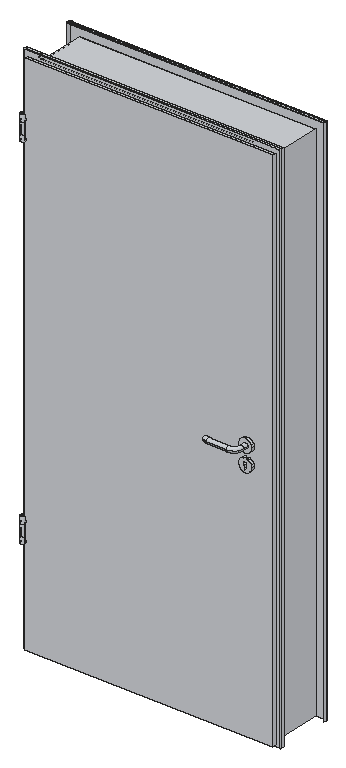
Revit family "BOS-Umfassungszarge-15ZBud_Familie", category Türen, Revit 2017
Family settings
  Basisbauteil = Wand
  Immer vertikal = Ja
  Beim Laden mit Abzugskörper schneiden = Nein
  Gemeinsam genutzt = Nein
  Raumberechnungspunkt = Ja
Parameters (values of type "15ZBud")
  Öffnungswinkel [instance] = if(Öffnungswinkel   Aperture < Öffnungswinkel min., Öffnungswinkel min., if(Öffnungswinkel   Aperture > Öffnungswinkel max., Öffnungswinkel max., Öffnungswinkel   Aperture)) * if(DIN links   DIN Left, 1, -1)  # 0.00°
  Öffnungswinkel min. = 0.00°  # constant formula
  Öffnungswinkel max. = 180.00°  # constant formula
  Öffnungswinkel   Aperture [instance] = 0.00°
  Türblattaufschlag = 13 mm  # constant formula
  Türblattabstand links-rechts = 3.5 mm  # constant formula
  Spiegel vorne min. = 30 mm  # constant formula
  Spiegel vorne max. = 80 mm - Falzaufschlag gesamt  # 65 mm
  Spiegel hinten min. [instance] = Spiegel vorne + Falzaufschlag gesamt  # 45 mm
  Spiegel hinten max. [instance] = Spiegel vorne + Falzaufschlag gesamt  # 45 mm
  Sickentiefe = 10 mm  # constant formula
  Putzwinkel min. = 10 mm  # constant formula
  Putzwinkel max. = 28 mm  # constant formula
  Drehpunktreferenz horizontal = 500 mm  # constant formula
  Türblattversatz vertikal = if(Gefälzt, -3.5 mm, 15.5 mm)  # -3.5 mm
  Türblattversatz  horizontal = if(Gefälzt, 11.5 mm, 6 mm)  # 11.5 mm
  Unterfütterungsstärke = Einfügepunkt - Blechstärke - Trapezankerstärke  # 5.5 mm
  Türblattabstand 3 = 4.5 mm  # constant formula
  Türblattabstand 2 = 4.5 mm  # constant formula
  Türblattabstand 1 = if(Gefälzt, 1.5 mm, -2 mm)  # 1.5 mm
  Wandstärke   Wall Thickness [instance] = 200 mm
  Trapezankerstärke = 10 mm  # constant formula
  Trapezankerabstand vorne = 0 mm  # constant formula
  Trapezanker [instance] = or(and(Gefälzt, GT Gesamttiefe > 319 mm), and(Stumpf, GT Gesamttiefe > 344 mm))  # no
  Stumpf = or([15ZBsd], [15ZBsFd])  # no
  VX Bänder [instance] = 1 < 2  # yes
  RRH Rohbau_Richtmaß_Höhe   Structural Wall Opening Height Measurement [instance] = FMH Falzmaß Höhe + Einfügepunkt  # 2125 mm
  RRB Rohbau_Richtmaß_Breite   Structural Wall Opening Width Measurement [instance] = FMB Falzmaß Breite + (2 * Einfügepunkt)  # 1000 mm
  Putzwinkel vorne   Backbend Front [instance] = 15 mm  # constant formula
  Putzwinkel hinten   Backbend Back [instance] = 15 mm  # constant formula
  Nivellieranker [instance] = or(and(Gefälzt, GT Gesamttiefe < 319.5 mm), and(Stumpf, GT Gesamttiefe < 344.5 mm))  # yes
  LDH Lichte Durchgangs Höhe   Clearance Height [instance] = FMH Falzmaß Höhe - Falzaufschlag gesamt  # 2093 mm
  LDB Lichte Durchgangs Breite   Clearance Width [instance] = FMB Falzmaß Breite - (2 * Falzaufschlag gesamt)  # 936 mm
  Gefälzt = or([15ZBud], [15ZBuFd])  # yes
  URL = "www.BestOfSteel.de/stahlzargen/zargen-fuer-drehfluegeltueren/2-schalige-stahlzargen/duo-15z/"
  Türblattstärke 3 = if(Doppelfalz, Falztiefe 2, 0 mm)  # 0 mm
  Türblattstärke 2 = Türblattstärke - Türblattstärke 1 - Türblattstärke 3  # 25.5 mm
  Türblattstärke 1 = if(Gefälzt, 14.5 mm, 0 mm)  # 14.5 mm
  Türblattstärke = if(Einfachfalz, 40 mm, 65 mm)  # 40 mm
  Typenbild = <Keine Auswahl>
  Spiegel vorne   Architrave Front [instance] = 30 mm
  Spiegel vorne [instance] = if(Spiegel vorne   Architrave Front < Spiegel vorne min., Spiegel vorne min., if(Spiegel vorne   Architrave Front > Spiegel vorne max., Spiegel vorne max., Spiegel vorne   Architrave Front))  # 30 mm
  Spiegel hinten   Architrave Back [instance] = Spiegel vorne + Falzaufschlag gesamt  # 45 mm
  Spiegel hinten [instance] = if(Spiegel hinten   Architrave Back < Spiegel hinten min., Spiegel hinten min., if(Spiegel hinten   Architrave Back > Spiegel hinten max., Spiegel hinten max., Spiegel hinten   Architrave Back))  # 45 mm
  Rough Height = 0 mm  # constant formula
  Rough Width = 0 mm  # constant formula
  Rechtliche Hinweise [instance] = "www.BestOfSteel.de/tools-downloads/bim-building-information-modeling/"
  Putzwinkel vorne [instance] = if(Putzwinkel vorne   Backbend Front < Putzwinkel min., Putzwinkel min., if(Putzwinkel vorne   Backbend Front > Putzwinkel max., Putzwinkel max., Putzwinkel vorne   Backbend Front))  # 15 mm
  Putzwinkel hinten [instance] = if(Putzwinkel hinten   Backbend Back < Putzwinkel min., Putzwinkel min., if(Putzwinkel hinten   Backbend Back > Putzwinkel max., Putzwinkel max., Putzwinkel hinten   Backbend Back))  # 15 mm
  MW min. = 100 mm  # constant formula
  MW max. [instance] = GT max. - Putzwinkel vorne - Putzwinkel hinten  # 620 mm
  Information in English = no
  GT max. = 650 mm  # constant formula
  GT Gesamttiefe [instance] = GT Gesamttiefe_Zarge   Total Profile Depth  # 230 mm
  Funktion = Innen
  Falztiefe gesamt = if(Einfachfalz, Falztiefe, Falztiefe + Falztiefe 2)  # 28.5 mm
  Falztiefe 2 = 25 mm  # constant formula
  Falztiefe = Türblattstärke 2 - Türblattabstand 1 + Türblattabstand 2  # 28.5 mm
  Falzaufschlag gesamt = if(Einfachfalz, Falzaufschlag, 2 * Falzaufschlag)  # 15 mm
  FMH min. = 1608 mm  # constant formula
  FMH max. = 2858 mm  # constant formula
  FMH Falzmaß_Höhe   Rebate Height Measurement [instance] = 2108 mm
  FMH Falzmaß Höhe [instance] = if(FMH Falzmaß_Höhe   Rebate Height Measurement < FMH min., FMH min., if(FMH Falzmaß_Höhe   Rebate Height Measurement > FMH max., FMH max., FMH Falzmaß_Höhe   Rebate Height Measurement))  # 2108 mm
  FMB min. = 591 mm  # constant formula
  FMB max. = 1342 mm  # constant formula
  FMB Falzmaß_Breite   Rebate Width Measurement [instance] = 966 mm
  FMB Falzmaß Breite [instance] = if(FMB Falzmaß_Breite   Rebate Width Measurement < FMB min., FMB min., if(FMB Falzmaß_Breite   Rebate Width Measurement > FMB max., FMB max., FMB Falzmaß_Breite   Rebate Width Measurement))  # 966 mm
  Drückerhöhe [instance] = if(Drückerhöhe   Handle Height < 850 mm, 850 mm, if(Drückerhöhe   Handle Height > 1050 mm, 1050 mm, Drückerhöhe   Handle Height))  # 1050 mm
  Drehpunkt Warnung sichtbar = yes
  Drehpunkt Warnung [instance] = and(Drehpunkt Warnung sichtbar, not(Öffnungswinkel = 0.00°))  # no
  Doppelfalz = or([15ZBuFd], [15ZBsFd])  # no
  Einfachfalz = or([15ZBud], [15ZBsd])  # yes
  Dichtungsversatz vertikal 2 [instance] = Falztiefe + Sickentiefe - Putzwinkel vorne + Falztiefe 2  # 48.5 mm
  Dichtungsversatz vertikal 1 [instance] = Falztiefe + Sickentiefe - Putzwinkel vorne  # 23.5 mm
  Dichtungsversatz horizontal 2 [instance] = Falzaufschlag  # 15 mm
  Dichtungsversatz horizontal 1 [instance] = 0 mm  # constant formula
  Dichtung 2 = Doppelfalz  # no
  Dichtung 1 = or(Einfachfalz, Doppelfalz)  # yes
  Drehpunktposition vertikal [instance] = (Wandstärke   Wall Thickness / 2) + Putzwinkel vorne + [Drehpunktabstand (SP) vertikal]  # 127.5 mm
  Drehpunktposition horizontal [instance] = Drehpunktreferenz horizontal + Einfügepunkt + if(DIN links   DIN Left, FMB Falzmaß Breite + [Drehpunktabstand (FM) horizontal], -[Drehpunktabstand (FM) horizontal])  # 1504 mm
  Drehpunktabstand (FM) horizontal = if(Gefälzt, 21 mm, 2.5 mm)  # 21 mm
  Drehpunktabstand (SP) vertikal = if(Gefälzt, 12.5 mm, 13.5 mm)  # 12.5 mm
  Bänder - Auswahl [instance] = if(Gefälzt, "3D Bänder gefälzt, Bandaufnahmen BVX11000", "3D Bänder stumpf, Bandaufnahmen BVX11000")  # "3D Bänder gefälzt, Bandaufnahmen BVX11000"
  Blechstärke = 1.5 mm  # constant formula
  BE max. = 100 mm  # constant formula
  BE Bodeneinstand [instance] = if(BE Bodeneinstand   Foundation Bedding < 0 mm, 0 mm, if(BE Bodeneinstand   Foundation Bedding > BE max., BE max., BE Bodeneinstand   Foundation Bedding))  # 0 mm
  Nivellierankerabstand vorne = Türblattstärke 1 + Türblattstärke 2 - 40 mm  # 0 mm
  15ZBsFd = no
  15ZBuFd = no
  Modell = "15ZBud"
  Material - Zarge = none
  Material - Türblatt = none
  Material - Drückergarnitur = none
  Material - Dichtung = none
  Material - Bänder = none
  Material = "grundiert, feuerverzinktes Feinblech nach DIN EN 10143"
  MW Maulweite   Receiving Opening [instance] = if(Wandstärke   Wall Thickness < MW min., MW min., if(Wandstärke   Wall Thickness > MW max., MW max., Wandstärke   Wall Thickness))  # 200 mm
  Height [instance] = RRH Rohbau_Richtmaß_Höhe   Structural Wall Opening Height Measurement  # 2125 mm
  Hersteller = "BOS GmbH Best Of Steel, Lütkenfelde 4, D-48282 Emsdetten"
  GT Gesamttiefe_Zarge   Total Profile Depth [instance] = MW Maulweite   Receiving Opening + Putzwinkel vorne + Putzwinkel hinten  # 230 mm
  MW Fehler [instance] = or(Wandstärke   Wall Thickness < MW min., Wandstärke   Wall Thickness > MW max.)  # no
  Einfügepunkt = 17 mm  # constant formula
  Drückerhöhe   Handle Height [instance] = 1050 mm
  Drückergarnitur [instance] = 1 < 2  # yes
  Dicke = 0 mm  # constant formula
  DIN rechts   DIN Right [instance] = not(DIN links   DIN Left)  # no
  DIN links oder rechts [instance] = if(DIN links   DIN Left, "DIN links", "DIN rechts")  # "DIN links"
  DIN links   DIN Left [instance] = yes
  15ZBud = yes
  15ZBsd = no
  Width = 0 mm  # constant formula
  Beschreibung = "2-schalige Umfassungszarge als Blockprofil, gefälzt, Duo 15Z"
  Bauelement = "BOS Stahlzarge"
  BOS-Architekten-Beratung = "Tel.: +49 (0) 2572 203-203; E-Mail: architekten@BestOfSteel.de"
  BE Bodeneinstand   Foundation Bedding [instance] = 0 mm
  BBL1 Bandbezugslinie   Hinge Position 1 = 241 mm  # constant formula
  BA Bandabstand   Distance Between Hinges [instance] = if(FMH Falzmaß Höhe < 1546 mm, 935 mm, if(FMH Falzmaß Höhe < 1671 mm, 1060 mm, if(FMH Falzmaß Höhe < 1796 mm, 1185 mm, if(FMH Falzmaß Höhe < 1921 mm, 1310 mm, if(FMH Falzmaß Höhe < 2171 mm, 1435 mm, if(FMH Falzmaß Höhe < 2296 mm, 1685 mm, if(FMH Falzmaß Höhe < 2421 mm, 1810 mm, if(FMH Falzmaß Höhe < 2546 mm, 1935 mm, if(FMH Falzmaß Höhe < 2671 mm, 2060 mm, if(FMH Falzmaß Höhe < 2796 mm, 2185 mm, 2310 mm))))))))))  # 1435 mm
  Falzaufschlag = 15 mm  # constant formula
  Technische Infos rund um die Stahlzarge = "www.BestOfSteel.de/tools-downloads/technische-infos-rund-um-die-stahlzarge/"
  Info-Texte sichtbar = yes
Reference planes
  plane 1 "Wand": y = 0
  plane 2 "Mitte (Links/rechts)": x = 125
  plane 3 "Hinten": y = 100
  plane 4 "Vorne": y = -100
  plane 5 "RNB links": x = -375
  plane 6 "RNB rechts": x = 625
  plane 7 "RRH oben": z = 2125
  plane 8 "BBL1": z = 1867
  plane 9 "Drückerhöhe": z = 1050
  plane 10 "BBL2": z = 432
  plane 11 "BE": z = 0
  plane 12 "FMH oben": z = 2108
  plane 13 "BE max.": z = -100
  plane 14 "FMB links": x = -358
  plane 15 "FMB rechts": x = 608
  plane 16 "Drehpunkt vertikal": y = -127.5
  plane 17 "Drehpunkt horizontal": x = -379
  plane 18 "Drehpunktreferenz horizontal": x = 1125
Forms (mm)
  Sweep 1, solid, material <- "Material - Zarge", visible <- "Einfachfalz", detail levels medium+fine
    path origin (0, -100, 0) x (-1, 0, 0) y (0, 0, 1)
      loop
        line (375, 0) -> (375, 2125) -> (-625, 2125) -> (-625, 0)
    profile "BOS-15ZBud-15ZBsd_Profil : BOS-15ZBud-15ZBsd_Profil" origin (-375, -100, 1062.5) x (1, 0, 0) y (0, 1, 0)
      loop
        line (17.5, 25) -> (16, 25)
        arc (16, 25) -> (15.646, 24.854) -> (15.5, 24.5) r 0.5
        line (15.5, 24.5) -> (15.5, 23)
        arc (15.5, 23) -> (16.086, 24.414) -> (17.5, 25) r 2
      loop
        arc (-10.5, 215) -> (-12.268, 214.268) -> (-13, 212.5) r 2.5
        line (-13, 212.5) -> (-13, 200) -> (-11.5, 200) -> (-11.5, 212.5)
        arc (-11.5, 212.5) -> (-11.207, 213.207) -> (-10.5, 213.5) r 1
        line (-10.5, 213.5) -> (29.5, 213.5)
        arc (29.5, 213.5) -> (30.207, 213.207) -> (30.5, 212.5) r 1
        line (30.5, 212.5) -> (30.5, 16.25)
        arc (30.5, 16.25) -> (29.159, 15.003) -> (28.013, 16.431) r 1.25
        line (28.013, 16.431) -> (28.983, 23.066)
        arc (28.983, 23.066) -> (28.284, 25.462) -> (26.015, 26.5) r 3
        line (26.015, 26.5) -> (16, 26.5)
        arc (16, 26.5) -> (14.586, 25.914) -> (14, 24.5) r 2
        line (14, 24.5) -> (14, 16.5) -> (15.5, 16.5) -> (15.5, -12.5)
        arc (15.5, -12.5) -> (15.207, -13.207) -> (14.5, -13.5) r 1
        line (14.5, -13.5) -> (-10.5, -13.5)
        arc (-10.5, -13.5) -> (-11.207, -13.207) -> (-11.5, -12.5) r 1
        line (-11.5, -12.5) -> (-11.5, 0) -> (-13, 0) -> (-13, -12.5)
        arc (-13, -12.5) -> (-12.268, -14.268) -> (-10.5, -15) r 2.5
        line (-10.5, -15) -> (14.5, -15)
        arc (14.5, -15) -> (16.268, -14.268) -> (17, -12.5) r 2.5
        line (17, -12.5) -> (17, 23)
        arc (17, 23) -> (17.146, 23.354) -> (17.5, 23.5) r 0.5
        line (17.5, 23.5) -> (25, 23.5) -> (25, 25) -> (26.015, 25)
        arc (26.015, 25) -> (27.15, 24.481) -> (27.499, 23.283) r 1.5
        line (27.499, 23.283) -> (26.529, 16.648)
        arc (26.529, 16.648) -> (29.051, 13.507) -> (32, 16.25) r 2.75
        line (32, 16.25) -> (32, 212.5)
        arc (32, 212.5) -> (31.268, 214.268) -> (29.5, 215) r 2.5
        line (29.5, 215) -> (-10.5, 215)
  Sweep 2, solid, material <- "Material - Dichtung", visible <- "Dichtung 1", detail levels medium+fine
    path origin (0, -100, 0) x (-1, 0, 0) y (0, 0, 1)
      loop
        line (358, 0) -> (358, 2108) -> (-608, 2108) -> (-608, 0)
    profile "BOS-Dichtung_Profil : BOS-Dichtung_Profil" origin (-358, -100, 1054) x (1, 0, 0) y (0, 1, 0)
      loop
        arc (2.601, 22.263) -> (2.248, 22.116) -> (2.102, 21.763) r 0.5
        line (2.102, 21.763) -> (2.102, 17.634)
        arc (2.102, 17.634) -> (2.243, 17.254) -> (2.599, 17.057) r 0.584
        line (2.599, 17.057) -> (7.702, 16.28)
        arc (7.702, 16.28) -> (8.08, 16.392) -> (8.234, 16.754) r 0.462
        line (8.234, 16.754) -> (8.069, 20.992)
        arc (8.069, 20.992) -> (7.918, 21.403) -> (7.556, 21.65) r 0.716
        arc (7.556, 21.65) -> (5.104, 22.16) -> (2.601, 22.263) r 15.257
      loop
        arc (2.671, 15.957) -> (2.274, 15.838) -> (2.102, 15.46) r 0.501
        line (2.102, 15.46) -> (2.102, 12.565)
        arc (2.102, 12.565) -> (2.227, 12.151) -> (2.561, 11.874) r 0.75
        line (2.561, 11.874) -> (9.159, 10)
        arc (9.159, 10) -> (9.738, 9.926) -> (10.314, 10.026) r 1.962
        arc (10.314, 10.026) -> (11.596, 10.754) -> (12.503, 11.916) r 3.79
        arc (12.503, 11.916) -> (12.466, 12.289) -> (12.114, 12.416) r 0.351
        arc (12.114, 12.416) -> (9.731, 12.818) -> (8.301, 14.767) r 3.215
        arc (8.301, 14.767) -> (8.101, 15.097) -> (7.751, 15.259) r 0.66
        line (7.751, 15.259) -> (2.671, 15.957)
      loop
        arc (9.885, 21.692) -> (6.361, 23.049) -> (2.611, 23.5) r 15.273
        arc (2.611, 23.5) -> (1.229, 23.241) -> (0, 22.558) r 4.388
        arc (0, 22.558) -> (-0.126, 22.198) -> (0.203, 22.005) r 0.3
        line (0.203, 22.005) -> (1.052, 22.179) -> (1.052, 17.212) -> (0.253, 16.589)
        arc (0.253, 16.589) -> (0.158, 16.198) -> (0.517, 16.017) r 0.324
        arc (0.517, 16.017) -> (0.888, 15.925) -> (1.052, 15.58) r 0.446
        line (1.052, 15.58) -> (1.052, 12.338) -> (0.255, 11.575)
        arc (0.255, 11.575) -> (0.205, 11.209) -> (0.55, 11.077) r 0.297
        arc (0.55, 11.077) -> (1.217, 11.194) -> (1.892, 11.137) r 2.63
        line (1.892, 11.137) -> (9.198, 9.049)
        arc (9.198, 9.049) -> (9.621, 9.008) -> (10.045, 9.024) r 3.219
        arc (10.045, 9.024) -> (12.714, 10.531) -> (14.033, 13.298) r 5.088
        arc (14.033, 13.298) -> (13.874, 13.708) -> (13.442, 13.788) r 0.451
        line (13.442, 13.788) -> (12.151, 13.352)
        arc (12.151, 13.352) -> (10.406, 13.72) -> (9.336, 15.147) r 2.533
        line (9.336, 15.147) -> (9.088, 20.569)
        arc (9.088, 20.569) -> (9.253, 20.964) -> (9.663, 21.087) r 0.501
        arc (9.663, 21.087) -> (10.021, 21.299) -> (9.885, 21.692) r 0.329
  Sweep 3, solid, material <- "Material - Zarge", visible <- "Doppelfalz", detail levels medium+fine
    path origin (0, -100, 0) x (-1, 0, 0) y (0, 0, 1)
      loop
        line (375, 0) -> (375, 2125) -> (-625, 2125) -> (-625, 0)
    profile "BOS-15ZBuFd-15ZBsFd_Profil : BOS-15ZBuFd-15ZBsFd_Profil" origin (-375, -100, 1062.5) x (1, 0, 0) y (0, 1, 0)
      loop
        line (17.5, 25) -> (16, 25)
        arc (16, 25) -> (15.646, 24.854) -> (15.5, 24.5) r 0.5
        line (15.5, 24.5) -> (15.5, 23)
        arc (15.5, 23) -> (16.086, 24.414) -> (17.5, 25) r 2
      loop
        line (27.499, 23.283) -> (26.529, 16.648)
        arc (26.529, 16.648) -> (29.051, 13.507) -> (32, 16.25) r 2.75
        line (32, 16.25) -> (32, 47.5)
        arc (32, 47.5) -> (32.293, 48.207) -> (33, 48.5) r 1
        line (33, 48.5) -> (41, 48.5)
        arc (41, 48.5) -> (42.154, 47.958) -> (42.475, 46.725) r 1.5
        line (42.475, 46.725) -> (41.547, 41.755)
        arc (41.547, 41.755) -> (43.996, 38.512) -> (47, 41.25) r 2.75
        line (47, 41.25) -> (47, 212.5)
        arc (47, 212.5) -> (46.268, 214.268) -> (44.5, 215) r 2.5
        line (44.5, 215) -> (4.5, 215)
        arc (4.5, 215) -> (2.732, 214.268) -> (2, 212.5) r 2.5
        line (2, 212.5) -> (2, 200) -> (3.5, 200) -> (3.5, 212.5)
        arc (3.5, 212.5) -> (3.793, 213.207) -> (4.5, 213.5) r 1
        line (4.5, 213.5) -> (44.5, 213.5)
        arc (44.5, 213.5) -> (45.207, 213.207) -> (45.5, 212.5) r 1
        line (45.5, 212.5) -> (45.5, 41.25)
        arc (45.5, 41.25) -> (44.135, 40.005) -> (43.021, 41.479) r 1.25
        line (43.021, 41.479) -> (43.949, 46.449)
        arc (43.949, 46.449) -> (43.308, 48.917) -> (41, 50) r 3
        line (41, 50) -> (33, 50)
        arc (33, 50) -> (31.232, 49.268) -> (30.5, 47.5) r 2.5
        line (30.5, 47.5) -> (30.5, 16.25)
        arc (30.5, 16.25) -> (29.159, 15.003) -> (28.013, 16.431) r 1.25
        line (28.013, 16.431) -> (28.983, 23.066)
        arc (28.983, 23.066) -> (28.284, 25.462) -> (26.015, 26.5) r 3
        line (26.015, 26.5) -> (16, 26.5)
        arc (16, 26.5) -> (14.586, 25.914) -> (14, 24.5) r 2
        line (14, 24.5) -> (14, 16.5) -> (15.5, 16.5) -> (15.5, -12.5)
        arc (15.5, -12.5) -> (15.207, -13.207) -> (14.5, -13.5) r 1
        line (14.5, -13.5) -> (-10.5, -13.5)
        arc (-10.5, -13.5) -> (-11.207, -13.207) -> (-11.5, -12.5) r 1
        line (-11.5, -12.5) -> (-11.5, 0) -> (-13, 0) -> (-13, -12.5)
        arc (-13, -12.5) -> (-12.268, -14.268) -> (-10.5, -15) r 2.5
        line (-10.5, -15) -> (14.5, -15)
        arc (14.5, -15) -> (16.268, -14.268) -> (17, -12.5) r 2.5
        line (17, -12.5) -> (17, 23)
        arc (17, 23) -> (17.146, 23.354) -> (17.5, 23.5) r 0.5
        line (17.5, 23.5) -> (25, 23.5) -> (25, 25) -> (26.015, 25)
        arc (26.015, 25) -> (27.15, 24.481) -> (27.499, 23.283) r 1.5
  Sweep 4, solid, material <- "Material - Dichtung", visible <- "Dichtung 2", detail levels medium+fine
    path origin (0, -100, 0) x (-1, 0, 0) y (0, 0, 1)
      loop
        line (358, 0) -> (358, 2108) -> (-608, 2108) -> (-608, 0)
    profile "BOS-Dichtung_Profil : BOS-Dichtung_Profil" origin (-358, -100, 1054) x (1, 0, 0) y (0, 1, 0)
      loop
        arc (17.601, 47.263) -> (17.248, 47.116) -> (17.102, 46.763) r 0.5
        line (17.102, 46.763) -> (17.102, 42.634)
        arc (17.102, 42.634) -> (17.243, 42.254) -> (17.599, 42.057) r 0.584
        line (17.599, 42.057) -> (22.702, 41.28)
        arc (22.702, 41.28) -> (23.08, 41.392) -> (23.234, 41.754) r 0.462
        line (23.234, 41.754) -> (23.069, 45.992)
        arc (23.069, 45.992) -> (22.918, 46.403) -> (22.556, 46.65) r 0.716
        arc (22.556, 46.65) -> (20.104, 47.16) -> (17.601, 47.263) r 15.257
      loop
        arc (17.671, 40.957) -> (17.274, 40.838) -> (17.102, 40.46) r 0.501
        line (17.102, 40.46) -> (17.102, 37.565)
        arc (17.102, 37.565) -> (17.227, 37.151) -> (17.561, 36.874) r 0.75
        line (17.561, 36.874) -> (24.159, 35)
        arc (24.159, 35) -> (24.738, 34.926) -> (25.314, 35.026) r 1.962
        arc (25.314, 35.026) -> (26.596, 35.754) -> (27.503, 36.916) r 3.79
        arc (27.503, 36.916) -> (27.466, 37.289) -> (27.114, 37.416) r 0.351
        arc (27.114, 37.416) -> (24.731, 37.818) -> (23.301, 39.767) r 3.215
        arc (23.301, 39.767) -> (23.101, 40.097) -> (22.751, 40.259) r 0.66
        line (22.751, 40.259) -> (17.671, 40.957)
      loop
        arc (24.885, 46.692) -> (21.361, 48.049) -> (17.611, 48.5) r 15.273
        arc (17.611, 48.5) -> (16.229, 48.241) -> (15, 47.558) r 4.388
        arc (15, 47.558) -> (14.874, 47.198) -> (15.203, 47.005) r 0.3
        line (15.203, 47.005) -> (16.052, 47.179) -> (16.052, 42.212) -> (15.253, 41.589)
        arc (15.253, 41.589) -> (15.158, 41.198) -> (15.517, 41.017) r 0.324
        arc (15.517, 41.017) -> (15.888, 40.925) -> (16.052, 40.58) r 0.446
        line (16.052, 40.58) -> (16.052, 37.338) -> (15.255, 36.575)
        arc (15.255, 36.575) -> (15.205, 36.209) -> (15.55, 36.077) r 0.297
        arc (15.55, 36.077) -> (16.217, 36.194) -> (16.892, 36.137) r 2.63
        line (16.892, 36.137) -> (24.198, 34.049)
        arc (24.198, 34.049) -> (24.621, 34.008) -> (25.045, 34.024) r 3.219
        arc (25.045, 34.024) -> (27.714, 35.531) -> (29.033, 38.298) r 5.088
        arc (29.033, 38.298) -> (28.874, 38.708) -> (28.442, 38.788) r 0.451
        line (28.442, 38.788) -> (27.151, 38.352)
        arc (27.151, 38.352) -> (25.406, 38.72) -> (24.336, 40.147) r 2.533
        line (24.336, 40.147) -> (24.088, 45.569)
        arc (24.088, 45.569) -> (24.253, 45.964) -> (24.663, 46.087) r 0.501
        arc (24.663, 46.087) -> (25.021, 46.299) -> (24.885, 46.692) r 0.329
Lines and regions (mm)
  Opening 1
    outline origin (-5000, -100, 0) x (1, 0, 0) y (0, 0, 1)
      loop
        line (5625, 0) -> (5625, 2125) -> (4625, 2125) -> (4625, 0) -> (5625, 0)
  reference lines
    curve 1: line (65, 650, 0) -> (185, 650, 0)
    curve 2: line (-379, -127.5, 0) -> (321, -127.5, 0)
    curve 3: line (65, -350, 0) -> (185, -350, 0)
    curve 4: line (65, -650, 0) -> (185, -650, 0)
  symbolic lines, style "DoorsHiddenLines", visible <- "DIN links   DIN Left", detail levels coarse
    curve 5: arc (625, -100, 0) -> (332.107, -807.107, 0) -> (-375, -1100, 0) r 1000
  symbolic lines, style "Doors", visible <- "DIN links   DIN Left", detail levels coarse
    curve 6: line (-375, -100, 0) -> (-375, -1100, 0)
  symbolic lines, style "DoorsHiddenLines", visible <- "DIN rechts   DIN Right", detail levels coarse
    curve 7: arc (-375, -100, 0) -> (-82.107, -807.107, 0) -> (625, -1100, 0) r 1000
  symbolic lines, style "Doors", visible <- "DIN rechts   DIN Right", detail levels coarse
    curve 8: line (625, -100, 0) -> (625, -1100, 0)
Text (mm)
  text "Außen     " at (-1696.17, 830.944, 0), in view "Ref.-Ebene"
  text "Außen" at (0, 1409.804, 2854.306), in view "Links"
  text "Placement side" at (0, 499.811, 2980.732), in view "Rechts"
Dimensions and locks
  locked: plane 3 "Hinten" to host wall
  locked: host wall to plane 4 "Vorne" at 0
  equal spacing: plane 5 "RNB links", plane 2 "Mitte (Links/rechts)", plane 6 "RNB rechts"
  "RRB Rohbau_Richtmaß_Breite   Structural Wall Opening Width Measurement": plane 5 "RNB links" to plane 6 "RNB rechts"
  "Drückerhöhe": level to plane 9 "Drückerhöhe"
  "BE Bodeneinstand": plane 11 "BE" to level
  "Wandstärke   Wall Thickness": host wall to host wall
  "BBL1 Bandbezugslinie   Hinge Position 1": plane 12 "FMH oben" to plane 8 "BBL1"
  "BA Bandabstand   Distance Between Hinges": plane 8 "BBL1" to plane 10 "BBL2"
  "FMH Falzmaß Höhe": plane 12 "FMH oben" to level
  "RRH Rohbau_Richtmaß_Höhe   Structural Wall Opening Height Measurement": plane 7 "RRH oben" to level
  curve 4 to curve 3 to plane 4 "Vorne" to plane 3 "Hinten" to curve 1 = 300 mm, 250 mm, 200 mm, 550 mm
  "BE max.": level to plane 13 "BE max."
  equal spacing: plane 14 "FMB links", plane 2 "Mitte (Links/rechts)", plane 15 "FMB rechts"
  "FMB Falzmaß Breite": plane 14 "FMB links" to plane 15 "FMB rechts"
  "Drehpunktposition vertikal": host wall to plane 16 "Drehpunkt vertikal"
  "Drehpunktreferenz horizontal": plane 6 "RNB rechts" to plane 18 "Drehpunktreferenz horizontal"
  "Drehpunktposition horizontal": plane 17 "Drehpunkt horizontal" to plane 18 "Drehpunktreferenz horizontal"
  "Öffnungswinkel": angle curve 2 to plane 16 "Drehpunkt vertikal"
  aligned and locked: plane 1 "Wand" to host wall
  aligned and locked: plane 6 "RNB rechts" to nested 1
  aligned and locked: nested 1 to plane 4 "Vorne"
  aligned and locked: plane 9 "Drückerhöhe" to nested 1
  aligned and locked: Sweep 2 sketch curve to plane 14 "FMB links"
  aligned and locked: Sweep 2 sketch curve to plane 12 "FMH oben"
  aligned and locked: Sweep 2 sketch curve to plane 15 "FMB rechts"
  aligned and locked: Sweep 4 sketch curve to plane 15 "FMB rechts"
  aligned and locked: Sweep 4 sketch curve to plane 12 "FMH oben"
  aligned and locked: Sweep 4 sketch curve to plane 14 "FMB links"
  aligned and locked: plane 5 "RNB links" to nested 2
  aligned and locked: nested 2 to plane 4 "Vorne"
  aligned and locked: plane 5 "RNB links" to nested 3
  aligned and locked: plane 4 "Vorne" to nested 3
  aligned and locked: plane 5 "RNB links" to nested 4
  aligned and locked: plane 4 "Vorne" to nested 4
  aligned and locked: plane 4 "Vorne" to nested 5
  aligned and locked: plane 6 "RNB rechts" to nested 5
  aligned and locked: nested 7 to plane 4 "Vorne"
  aligned and locked: plane 6 "RNB rechts" to nested 7
  aligned and locked: nested 6 to plane 4 "Vorne"
  aligned and locked: plane 6 "RNB rechts" to nested 6
  aligned and locked: plane 16 "Drehpunkt vertikal" to curve 2
  aligned and locked: plane 17 "Drehpunkt horizontal" to curve 2
  aligned and locked: curve 2 to nested 8
  aligned and locked: nested 10 to plane 10 "BBL2"
  aligned and locked: plane 8 "BBL1" to nested 9
  aligned and locked: plane 17 "Drehpunkt horizontal" to nested 9
  aligned and locked: plane 17 "Drehpunkt horizontal" to nested 10
  aligned and locked: plane 16 "Drehpunkt vertikal" to nested 9
  aligned and locked: plane 16 "Drehpunkt vertikal" to nested 10
  aligned and locked: curve 1 to nested 14
  aligned and locked: plane 2 "Mitte (Links/rechts)" to nested 14
  aligned and locked: plane 18 "Drehpunktreferenz horizontal" to nested 12
  aligned and locked: plane 1 "Wand" to nested 12
  aligned and locked: nested 13 to plane 2 "Mitte (Links/rechts)"
  aligned and locked: curve 3 to nested 11
  aligned and locked: nested 11 to plane 2 "Mitte (Links/rechts)"
  aligned and locked: nested 15 to nested 3
  aligned and locked: nested 15 to Sweep 3
Automatic sketch dimensions
  Opening 1 sketch curve to level = 0 mm
  Opening 1 sketch curve to plane 5 "RNB links" = 0 mm
  Opening 1 sketch curve to plane 6 "RNB rechts" = 0 mm
  Opening 1 sketch curve to plane 7 "RRH oben" = 0 mm
  Sweep 1 sketch curve to plane 6 "RNB rechts" = 0 mm
  Sweep 1 sketch curve to plane 5 "RNB links" = 0 mm
  Sweep 1 sketch curve to plane 11 "BE" = 0 mm  (x2)
  Sweep 1 sketch curve to plane 7 "RRH oben" = 0 mm
  Sweep 2 sketch curve to level = 0 mm  (x2)
  Sweep 3 sketch curve to plane 6 "RNB rechts" = 0 mm
  Sweep 3 sketch curve to plane 5 "RNB links" = 0 mm
  Sweep 3 sketch curve to plane 11 "BE" = 0 mm  (x2)
  Sweep 3 sketch curve to plane 7 "RRH oben" = 0 mm
  Sweep 4 sketch curve to level = 0 mm  (x2)
  host wall to curve 7 = 0 mm
  curve 6 to plane 5 "RNB links" = 0 mm
  host wall to curve 8 = 0 mm
  host wall to curve 5 = 0 mm
  curve 5 to plane 6 "RNB rechts" = 0 mm
  host wall to curve 6 = 0 mm
  curve 7 to plane 5 "RNB links" = 0 mm
  curve 8 to plane 6 "RNB rechts" = 0 mm
  curve 4 to plane 2 "Mitte (Links/rechts)" = 60 mm
  curve 3 to plane 2 "Mitte (Links/rechts)" = 60 mm
  curve 1 to plane 2 "Mitte (Links/rechts)" = 60 mm
  plane 2 "Mitte (Links/rechts)" to curve 3 = 60 mm
  plane 2 "Mitte (Links/rechts)" to curve 4 = 60 mm
  plane 2 "Mitte (Links/rechts)" to curve 1 = 60 mm
Nested families
  nested 1: "BOS-BOS_Modell" at (625, -100, 1050), type "BOS-BOS_Modell", not visible
    with Abstand 17 mm
  nested 2: "BOS-Druckfeste-Unterfütterung-bauseits_Detail" at (-375, -100, 0), visible <- "Trapezanker", type "BOS-Druckfeste-Unterfütterung-bauseits_Detail", detail levels fine
    with Unterfütterungsstärke 5.5 mm, Putzwinkel vorne 15 mm, Putzwinkel hinten 15 mm
  nested 3: "BOS-Nivellieranker_Detail" at (-375, -116.747, 0), visible <- "Nivellieranker", type "BOS-Nivellieranker_Detail", detail levels fine
    with Einfügepunkt 17 mm
  nested 4: "BOS-Trapezanker_Detail" at (-332.5, -123.5, 0), visible <- "Trapezanker", type "BOS-Trapezanker_Detail", detail levels fine
    with Einfügepunkt 17 mm
  nested 5: "BOS-Druckfeste-Unterfütterung-bauseits_Detail" at (625, -100, 0) x (-1, 0, 0) z (0, 0, 1), visible <- "Trapezanker", type "BOS-Druckfeste-Unterfütterung-bauseits_Detail", detail levels fine
    with Unterfütterungsstärke 5.5 mm, Putzwinkel vorne 15 mm, Putzwinkel hinten 15 mm
  nested 6: "BOS-Nivellieranker_Detail" at (625, -116.747, 0) x (-1, 0, 0) z (0, 0, 1), visible <- "Nivellieranker", type "BOS-Nivellieranker_Detail", detail levels fine
    with Einfügepunkt 17 mm
  nested 7: "BOS-Trapezanker_Detail" at (582.5, -123.5, 0) x (-1, 0, 0) z (0, 0, 1), visible <- "Trapezanker", type "BOS-Trapezanker_Detail", detail levels fine
    with Einfügepunkt 17 mm
  nested 8: "BOS-Türblatt_Modell" at (125, -124, 0), type "BOS-Türblatt_Modell"
    with Glastürdrücker DIN rechts no, Glastürdrücker DIN links no, Drückergarnitur DIN rechts no, Drückergarnitur DIN links yes
  nested 9: "BOS-Band-VX_Modell" at (-379, -127.5, 1867), visible <- "VX Bänder", type "BOS-Band-VX_Modell", detail levels fine
  nested 10: "BOS-Band-VX_Modell" at (-379, -127.5, 432), visible <- "VX Bänder", type "BOS-Band-VX_Modell", detail levels fine
  nested 11: "BOS-Info-Texte_Beschriftung" at (125, -350.955, 0), visible <- "Drehpunkt Warnung", type "Drehpunkt Warnung"
  nested 12: "BOS-Info-Texte_Beschriftung" at (1125, -0.955, 0), visible <- "MW Fehler", type "Maulweite Fehlermeldung"
  nested 13: "BOS-Info-Texte_Beschriftung" at (125, -650.955, 0), visible <- "Info-Texte sichtbar", type "Rechtliche Hinweise"
  nested 14: "BOS-Info-Texte_Beschriftung" at (125, 649.045, 0), visible <- "Info-Texte sichtbar", type "Technische Hinweise"
  nested 15: "BOS-Logo_Modell" at (-379.5, 100, 0), type "BOS-Logo_Modell", detail levels fine
    with Abstand horizontal 4 mm
Definition of nested family "BOS-Türblatt_Modell"
  Parameters (values of type "BOS-Türblatt_Modell")
    Default Elevation = 1219.2 mm
    URL = "www.BestOfSteel.de"
    Türblattversatz vertikal = -3.5 mm
    Türblattversatz horizontal = 11.5 mm
    Technische Infos rund um die Stahlzarge = "www.BestOfSteel.de/tools-downloads/technische-infos-rund-um-die-stahlzarge/"
    Türblattaufschlag = 13 mm
    Türblattstärke 3 = 0 mm
    Türblattstärke 2 = 25.5 mm
    Türblattstärke 1 = 14.5 mm
    Türblattstärke = 40 mm
    Türblattabstand oben = 4 mm
    Türblattabstand unten = 7 mm
    Türblattabstand links-rechts = 3.5 mm
    TAH3 Türblatt Außenmaß Höhe 3 = FMH Zargen Falzmaß Höhe - Falzaufschlag - Türblattabstand oben - Türblattabstand unten  # 2082 mm
    TAH2 Türblatt Außenmaß Höhe 2 = FMH Zargen Falzmaß Höhe - Türblattabstand oben - Türblattabstand unten  # 2097 mm
    TAH Türblatt Außenmaß Höhe = FMH Zargen Falzmaß Höhe + if(Gefälzt, Türblattaufschlag, 0 mm) - Türblattabstand oben - Türblattabstand unten  # 2110 mm
    Stumpf = no
    Rechtliche Hinweise = "www.BestOfSteel.de/tools-downloads/bim-building-information-modeling/"
    Material - Türblatt = none
    Material - Drückergarnitur = none
    Glastürtdrücker = no
    Glastürdrücker DIN rechts [instance] = and(Glastürtdrücker, DIN rechts)  # no
    Glastürdrücker DIN links [instance] = and(Glastürtdrücker, DIN links)  # no
    Gefälzt = yes
    FMH Zargen Falzmaß Höhe = 2108 mm
    FMB Zargen Falzmaß Breite = 966 mm
    Einfachfalz = yes
    Drückerhöhe = 1050 mm
    Drückergarnitur = yes
    Drückerabstand = 100 mm
    Drehpunktabstand vertikal = (2 * Türblattstärke) + Türblattversatz vertikal  # 76.5 mm
    Drehpunktabstand horizontal = (TAB Türblatt Außenmass Breite / 2) + if(DIN links, -Türblattversatz horizontal, TAB Türblatt Außenmass Breite + Türblattversatz horizontal)  # 481 mm
    Doppelfalz = no
    Drückergarnitur DIN rechts [instance] = and(Drückergarnitur, DIN rechts)  # no
    Drückergarnitur DIN links [instance] = and(Drückergarnitur, DIN links)  # yes
    DIN rechts = no
    DIN links = yes
    Description = "Holz- oder Glastürblatt, mit Drücker, gefälzt oder stumpf"
    Keynote = "BOS Türblatt"
    TAB3 Türblatt Außenmass Breite Türblatt 3 = FMB Zargen Falzmaß Breite - 2 * (Falzaufschlag + [Türblattabstand links-rechts])  # 929 mm
    TAB Türblatt Außenmass Breite = FMB Zargen Falzmaß Breite + 2 * (if(Gefälzt, Türblattaufschlag, 0 mm) - [Türblattabstand links-rechts])  # 985 mm
    TAB2 Türblatt Außenmass Breite Türblatt 2 = FMB Zargen Falzmaß Breite - 2 * ([Türblattabstand links-rechts])  # 959 mm
    Falzaufschlag = 15 mm
    BOS-Architekten-Beratung = "Tel.: +49 (0) 2572 203-203; E-Mail: architekten@BestOfSteel.de"
  Reference planes
    plane 1: y = -7
    plane 2: z = 0
    plane 3: x = 0
    plane 4: z = 7
    plane 5: z = 2117
    plane 6: x = -492.5
    plane 7: x = 492.5
    plane 8: x = -479.5
    plane 9: x = 479.5
    plane 10: x = 464.5
    plane 11: x = -464.5
    plane 12: y = 7.5
    plane 13: y = 33
    plane 14: y = 33
    plane 15: z = 2104
    plane 16: z = 2089
    plane 17: x = -392.5
    plane 18: x = 392.5
    plane 19: y = 73
    plane 20: z = 1050
    plane 21: x = -502.5
    plane 22: x = 502.5
    plane 23: z = 2127
    plane 24: x = -985
    plane 25: x = -504
    plane 26: y = -3.5
  Forms (mm)
    Extrusion 1, solid, material <- "Material - Türblatt", detail levels medium+fine
      sketch origin (0, 0, 0) x (1, 0, 0) y (0, 1, 0)
        loop
          line (-492.5, 33) -> (-492.5, -7) -> (492.5, -7) -> (492.5, 33) -> (-492.5, 33)
      from 7 to 2117
    Extrusion 2, void
      sketch origin (0, 0, 0) x (1, 0, 0) y (0, 1, 0)
        loop
          line (-502.5, 73) -> (-502.5, 7.5) -> (-479.5, 7.5) -> (-479.5, 33) -> (-464.5, 33) -> (-464.5, 73) -> (-502.5, 73)
        loop
          line (464.5, 73) -> (464.5, 33) -> (479.5, 33) -> (479.5, 7.5) -> (502.5, 7.5) -> (502.5, 73) -> (464.5, 73)
      from 7 to 2117
    Extrusion 3, void
      sketch origin (0, 0, 0) x (0, 1, 0) y (0, 0, 1)
        loop
          line (73, 2127) -> (7.5, 2127) -> (7.5, 2104) -> (33, 2104) -> (33, 2089) -> (73, 2089) -> (73, 2127)
      from -492.5 to 492.5
  Cuts and joins
    Extrusion 2, Extrusion 3 cuts Extrusion 1
  Dimensions and locks
    "Türblattabstand unten": plane 4 to plane 2
    equal spacing: plane 6, plane 3, plane 7
    "TAB Türblatt Außenmass Breite": plane 6 to plane 7
    equal spacing: plane 8, plane 3, plane 9
    "TAB2 Türblatt Außenmass Breite Türblatt 2": plane 8 to plane 9
    equal spacing: plane 11, plane 3, plane 10
    "TAB3 Türblatt Außenmass Breite Türblatt 3": plane 11 to plane 10
    "Türblattstärke 1": plane 1 to plane 12
    "Türblattstärke 2": plane 13 to plane 12
    "Türblattstärke 3": plane 14 to plane 13
    "TAH Türblatt Außenmaß Höhe": plane 5 to plane 4
    "TAH2 Türblatt Außenmaß Höhe 2": plane 15 to plane 4
    "TAH3 Türblatt Außenmaß Höhe 3": plane 16 to plane 4
    "Drückerabstand": plane 6 to plane 17
    "Drückerabstand": plane 18 to plane 7
    "Türblattstärke": plane 19 to plane 14
    "Drückerhöhe": plane 20 to plane 2
    plane 21 to plane 6 = 10 mm
    plane 7 to plane 22 = 10 mm
    plane 23 to plane 5 = 10 mm
    "Drehpunktabstand horizontal": plane 24 to plane 25
    "TAB Türblatt Außenmass Breite": plane 24 to plane 3
    "Drehpunktabstand vertikal": plane 19 to plane 26
    aligned and locked: level to plane 2
    aligned and locked: Extrusion 1 sketch curve to plane 1
    aligned and locked: Extrusion 1 sketch curve to plane 6
    aligned and locked: Extrusion 1 sketch curve to plane 14
    aligned and locked: Extrusion 1 sketch curve to plane 7
    aligned and locked: Extrusion 1 to plane 4
    aligned and locked: plane 5 to Extrusion 1
    aligned and locked: plane 19 to Extrusion 2 sketch curve
    aligned and locked: plane 11 to Extrusion 2 sketch curve
    aligned and locked: plane 13 to Extrusion 2 sketch curve  (x2)
    aligned and locked: plane 8 to Extrusion 2 sketch curve
    aligned and locked: Extrusion 2 sketch curve to plane 12
    aligned and locked: plane 10 to Extrusion 2 sketch curve
    aligned and locked: plane 9 to Extrusion 2 sketch curve
    aligned and locked: plane 12 to Extrusion 2 sketch curve
    aligned and locked: Extrusion 2 sketch curve to plane 19
    aligned and locked: Extrusion 2 to plane 4
    aligned and locked: plane 5 to Extrusion 2
    aligned and locked: Extrusion 3 sketch curve to plane 12
    aligned and locked: plane 19 to Extrusion 3 sketch curve
    aligned and locked: Extrusion 3 sketch curve to plane 16
    aligned and locked: Extrusion 3 sketch curve to plane 15
    aligned and locked: Extrusion 3 sketch curve to plane 13
    aligned and locked: plane 7 to Extrusion 3
    aligned and locked: Extrusion 3 to plane 6
    aligned and locked: plane 22 to Extrusion 2 sketch curve
    aligned and locked: Extrusion 2 sketch curve to plane 21
    aligned and locked: plane 23 to Extrusion 3 sketch curve
    aligned and locked: nested 1 to plane 20
    aligned and locked: plane 20 to nested 3
    aligned and locked: plane 20 to nested 2
    aligned and locked: nested 4 to plane 20
    aligned and locked: nested 1 to plane 17
    aligned and locked: nested 3 to plane 17
    aligned and locked: nested 2 to plane 18
    aligned and locked: nested 4 to plane 18
    aligned and locked: plane 1 to nested 1
    aligned and locked: nested 3 to plane 14
    aligned and locked: plane 14 to nested 4
    aligned and locked: nested 2 to plane 1
  Nested families
    nested 1: "BOS-Drückergarnitur_Modell" at (-392.5, -7, 1050), visible <- "Drückergarnitur DIN rechts", type "BOS-Drückergarnitur_Modell", detail levels fine
    nested 2: "BOS-Drückergarnitur_Modell" at (392.5, -7, 1050) x (-1, 0, 0) z (0, 0, 1), visible <- "Drückergarnitur DIN links", type "BOS-Drückergarnitur_Modell", detail levels fine
    nested 3: "BOS-Drückergarnitur_Modell" at (-392.5, 33, 1050), visible <- "Drückergarnitur DIN rechts", type "BOS-Drückergarnitur_Modell", detail levels fine
    nested 4: "BOS-Drückergarnitur_Modell" at (392.5, 33, 1050) x (-1, 0, 0) z (0, 0, 1), visible <- "Drückergarnitur DIN links", type "BOS-Drückergarnitur_Modell", detail levels fine
  Definition of nested family "BOS-Drückergarnitur_Modell"
    Parameters (values of type "BOS-Drückergarnitur_Modell")
      URL = "www.BestOfSteel.de"
      Rechtliche Hinweise = "www.BestOfSteel.de/tools-downloads/bim-building-information-modeling/"
      Material - Drückergarnitur = none
      Description = "Drücker und Rosette"
      Keynote = "BOS Drückergarnitur"
      BOS-Architekten-Beratung = "Tel.: +49 (0) 2572 203-203; E-Mail: architekten@BestOfSteel.de"
      Technische Infos rund um die Stahlzarge = "www.BestOfSteel.de/tools-downloads/technische-infos-rund-um-die-stahlzarge/"
    Reference planes
      plane 1: y = 0
      plane 2: z = 0
      plane 3: x = 0
    Forms (mm)
      Sweep 1, solid, material <- "Material - Drückergarnitur"
        path origin (0, 0, 0) x (1, 0, 0) y (0, 1, 0)
          loop
            line (0, 0) -> (0, -10)
        profile origin (0, -5, 0) x (1, 0, 0) y (0, 0, 1)
          loop
            circle (0, 0) r 26
      Sweep 2, solid, material <- "Material - Drückergarnitur"
        path origin (0, 0, 0) x (1, 0, 0) y (0, 1, 0)
          loop
            line (0, -10) -> (0, -30.336)
            arc (0, -30.336) -> (8.201, -50.135) -> (28, -58.336) r 28
            line (28, -58.336) -> (108.063, -58.336)
            arc (108.063, -58.336) -> (116.614, -56.829) -> (124.133, -52.487) r 25
        profile origin (0, -20.168, 0) x (1, 0, 0) y (0, 0, 1)
          loop
            circle (0, 0) r 9
      Sweep 3, solid, material <- "Material - Drückergarnitur"
        path origin (0, 0, -70) x (1, 0, 0) y (0, 1, 0)
          loop
            line (0, 0) -> (0, -10)
        profile origin (0, -5, -70) x (1, 0, 0) y (0, 0, 1)
          loop
            circle (0, 0) r 26
          loop
            arc (-4.3, -12.6) -> (0, -16.9) -> (4.3, -12.6) r 4.3
            line (4.3, -12.6) -> (4.3, 0)
            arc (4.3, 0) -> (7.07, 8.305) -> (0, 13.47) r 7.421
            arc (0, 13.47) -> (-7.07, 8.305) -> (-4.3, 0) r 7.421
            line (-4.3, 0) -> (-4.3, -12.6)
    Dimensions and locks
      plane 2 to Sweep 3 = 70 mm
    Automatic sketch dimensions
      Sweep 1 sketch curve to plane 3 = 0 mm
      plane 1 to Sweep 1 sketch curve = 0 mm
      plane 1 to Sweep 1 sketch curve = 10 mm
      level to Sweep 1 sketch curve = 0 mm
      profile plane to Sweep 1 sketch curve = 0 mm
      Sweep 2 sketch curve to plane 3 = 0 mm
      plane 3 to Sweep 2 sketch curve = 28 mm
      plane 1 to Sweep 2 sketch curve = 33.336 mm
      Sweep 2 sketch curve to Sweep 2 sketch curve = 80.063 mm
      plane 1 to Sweep 2 sketch curve = 58.336 mm
      Sweep 2 sketch curve to Sweep 2 sketch curve = 16.07 mm
      plane 1 to Sweep 2 sketch curve = 10 mm
      level to Sweep 2 sketch curve = 0 mm
      profile plane to Sweep 2 sketch curve = 0 mm
      Sweep 3 sketch curve to plane 3 = 0 mm
      plane 1 to Sweep 3 sketch curve = 0 mm
      plane 1 to Sweep 3 sketch curve = 10 mm
      Sweep 3 sketch curve to Sweep 3 sketch curve = 0 mm  (x2)
      Sweep 3 sketch curve to profile plane = 0 mm  (x2)
      profile plane to Sweep 3 sketch curve = 0 mm  (x3)
      Sweep 3 sketch curve to Sweep 3 sketch curve = 4.3 mm
      Sweep 3 sketch curve to Sweep 3 sketch curve = 12.6 mm
      profile plane to Sweep 3 sketch curve = 6.049 mm
      radius of Sweep 1 sketch curve = 26 mm
      radius of Sweep 2 sketch curve = 9 mm
      radius of Sweep 3 sketch curve = 26 mm
Definition of nested family "BOS-Band-VX_Modell"
  Parameters (values of type "BOS-Band-VX_Modell")
    Öffnungswinkel = 0.00°
    URL = "www.BestOfSteel.de"
    Stumpf DIN rechts = and(Stumpf, DIN rechts)  # no
    Stumpf DIN links = and(Stumpf, DIN links)  # no
    Stumpf = no
    Rechtliche Hinweise = "www.BestOfSteel.de/tools-downloads/bim-building-information-modeling/"
    Material - Bänder = none
    Manufacturer = ""
    Gefälzt DIN rechts = and(Gefälzt, DIN rechts)  # no
    Gefälzt DIN links = and(Gefälzt, DIN links)  # yes
    Gefälzt = yes
    Drehwinkel = Öffnungswinkel  # 0.00°
    DIN rechts = no
    DIN links = yes
    Description = "Band VX gefälzt oder stumpf"
    Keynote = "BOS Modell"
    BOS-Architekten-Beratung = "Tel.: +49 (0) 2572 203-203; E-Mail: architekten@BestOfSteel.de"
    Technische Infos rund um die Stahlzarge = "www.BestOfSteel.de/tools-downloads/technische-infos-rund-um-die-stahlzarge/"
  Reference planes
    plane 1: y = 0
    plane 2: z = 0
    plane 3: x = 0
  Forms (mm)
    Sweep 1, solid, material <- "Material - Bänder"
      path origin (-13.92, -27.5, 1200) x (-1, 0, 0) y (0, 0, 1)
        loop
          line (-13.92, -1247.5) -> (-13.92, -1152.5)
      profile origin (0, -27.5, 0) x (1, 0, 0) y (0, 1, 0)
        loop
          circle (0, 27.5) r 6.5
    Extrusion 2, solid, material <- "Material - Bänder", visible <- "Gefälzt DIN links"
      sketch origin (58.575, -26.745, 0) x (1, 0, 0) y (0, 1, 0)
        loop
          line (-48.615, 25.844) -> (-47.575, 37.348) -> (-47.575, 39.245) -> (-51.075, 39.245) -> (-51.075, 37.506) -> (-52.154, 25.574)
          arc (-52.154, 25.574) -> (-64.788, 24.746) -> (-54.041, 31.44) r 6.527
          line (-54.041, 31.44) -> (-51.628, 33.938)
          arc (-51.628, 33.938) -> (-67.946, 23.257) -> (-48.615, 25.844) r 10
      from -23.5 to 23.5
    Extrusion 3, solid, material <- "Material - Bänder", visible <- "Stumpf DIN links"
      sketch origin (26.489, 48.796, 0) x (1, 0, 0) y (0, 1, 0)
        loop
          line (-37.489, -37.345) -> (-36.338, -50.529)
          arc (-36.338, -50.529) -> (-16.979, -51.887) -> (-33.436, -41.602) r 10
          line (-33.436, -41.602) -> (-31.004, -44.128)
          arc (-31.004, -44.128) -> (-23.943, -42.824) -> (-19.982, -48.813) r 6.507
          arc (-19.982, -48.813) -> (-25.866, -55.271) -> (-32.842, -50.01) r 6.486
          line (-32.842, -50.01) -> (-34.035, -37.197) -> (-34.035, -35.296) -> (-37.489, -35.296) -> (-37.489, -37.345)
      from -23.5 to 23.5
    Extrusion 4, solid, material <- "Material - Bänder", visible <- "Gefälzt DIN links"
      sketch origin (0, 0, 0) x (0.5, -0.866025, 0) y (0.866025, 0.5, 0)
        loop
          arc (-3.25, -5.629) -> (-6.279, -1.682) -> (-5.629, 3.25) r 6.5
          line (-5.629, 3.25) -> (0.121, 13.209) -> (-2.91, 14.959) -> (-8.66, 5)
          arc (-8.66, 5) -> (5.664, -8.241) -> (-1.564, 9.877) r 10
          line (-1.564, 9.877) -> (-1.017, 6.42)
          arc (-1.017, 6.42) -> (6.391, -1.185) -> (-3.25, -5.629) r 6.5
      from 24 to 47.5
    Extrusion 5, solid, material <- "Material - Bänder", visible <- "Gefälzt DIN links"
      sketch origin (0, 0, 0) x (0.5, -0.866025, 0) y (0.866025, 0.5, 0)
        loop
          arc (-3.25, -5.629) -> (-6.279, -1.682) -> (-5.629, 3.25) r 6.5
          line (-5.629, 3.25) -> (0.121, 13.209) -> (-2.91, 14.959) -> (-8.66, 5)
          arc (-8.66, 5) -> (5.664, -8.241) -> (-1.564, 9.877) r 10
          line (-1.564, 9.877) -> (-1.017, 6.42)
          arc (-1.017, 6.42) -> (6.391, -1.185) -> (-3.25, -5.629) r 6.5
      from -24 to -47.5
    Extrusion 6, solid, material <- "Material - Bänder", visible <- "Stumpf DIN links"
      sketch origin (0, 0, 0) x (1, 0, 0) y (0, 1, 0)
        loop
          line (4.091, 5.051) -> (6.293, 7.771)
          arc (6.293, 7.771) -> (-9.026, -4.305) -> (10, 0) r 10
          line (10, 0) -> (10, 15.5) -> (6.5, 15.5) -> (6.5, 0)
          arc (6.5, 0) -> (0, -6.5) -> (-6.5, 0) r 6.5
          arc (-6.5, 0) -> (-2.798, 5.867) -> (4.091, 5.051) r 6.5
      from 24 to 47.5
    Extrusion 7, solid, material <- "Material - Bänder", visible <- "Stumpf DIN links"
      sketch origin (0, 0, 0) x (1, 0, 0) y (0, 1, 0)
        loop
          line (4.091, 5.051) -> (6.293, 7.771)
          arc (6.293, 7.771) -> (-9.026, -4.305) -> (10, 0) r 10
          line (10, 0) -> (10, 15.5) -> (6.5, 15.5) -> (6.5, 0)
          arc (6.5, 0) -> (0, -6.5) -> (-6.5, 0) r 6.5
          arc (-6.5, 0) -> (-2.798, 5.867) -> (4.091, 5.051) r 6.5
      from -24 to -47.5
    Extrusion 8, solid, material <- "Material - Bänder", visible <- "Stumpf DIN rechts"
      sketch origin (-26.489, 48.796, 0) x (-1, 0, 0) y (0, -1, 0)
        loop
          line (-37.489, 37.345) -> (-37.489, 35.296) -> (-34.035, 35.296) -> (-34.035, 37.197) -> (-32.842, 50.01)
          arc (-32.842, 50.01) -> (-25.866, 55.271) -> (-19.982, 48.813) r 6.486
          arc (-19.982, 48.813) -> (-23.943, 42.824) -> (-31.004, 44.128) r 6.507
          line (-31.004, 44.128) -> (-33.436, 41.602)
          arc (-33.436, 41.602) -> (-16.979, 51.887) -> (-36.338, 50.529) r 10
          line (-36.338, 50.529) -> (-37.489, 37.345)
      from -23.5 to 23.5
    Extrusion 9, solid, material <- "Material - Bänder", visible <- "Stumpf DIN rechts"
      sketch origin (0, 0, 0) x (-1, 0, 0) y (0, -1, 0)
        loop
          arc (4.091, -5.051) -> (-2.798, -5.867) -> (-6.5, 0) r 6.5
          arc (-6.5, 0) -> (0, 6.5) -> (6.5, 0) r 6.5
          line (6.5, 0) -> (6.5, -15.5) -> (10, -15.5) -> (10, 0)
          arc (10, 0) -> (-9.026, 4.305) -> (6.293, -7.771) r 10
          line (6.293, -7.771) -> (4.091, -5.051)
      from 24 to 47.5
    Extrusion 10, solid, material <- "Material - Bänder", visible <- "Stumpf DIN rechts"
      sketch origin (0, 0, 0) x (-1, 0, 0) y (0, -1, 0)
        loop
          arc (4.091, -5.051) -> (-2.798, -5.867) -> (-6.5, 0) r 6.5
          arc (-6.5, 0) -> (0, 6.5) -> (6.5, 0) r 6.5
          line (6.5, 0) -> (6.5, -15.5) -> (10, -15.5) -> (10, 0)
          arc (10, 0) -> (-9.026, 4.305) -> (6.293, -7.771) r 10
          line (6.293, -7.771) -> (4.091, -5.051)
      from -24 to -47.5
    Extrusion 11, solid, material <- "Material - Bänder", visible <- "Gefälzt DIN rechts"
      sketch origin (-58.575, -26.745, 0) x (-1, 0, 0) y (0, -1, 0)
        loop
          arc (-48.615, -25.844) -> (-67.946, -23.257) -> (-51.628, -33.938) r 10
          line (-51.628, -33.938) -> (-54.041, -31.44)
          arc (-54.041, -31.44) -> (-64.788, -24.746) -> (-52.154, -25.574) r 6.527
          line (-52.154, -25.574) -> (-51.075, -37.506) -> (-51.075, -39.245) -> (-47.575, -39.245) -> (-47.575, -37.348) -> (-48.615, -25.844)
      from -23.5 to 23.5
    Extrusion 12, solid, material <- "Material - Bänder", visible <- "Gefälzt DIN rechts"
      sketch origin (0, 0, 0) x (-0.5, -0.866025, 0) y (0.866025, -0.5, 0)
        loop
          arc (-3.25, 5.629) -> (6.391, 1.185) -> (-1.017, -6.42) r 6.5
          line (-1.017, -6.42) -> (-1.564, -9.877)
          arc (-1.564, -9.877) -> (5.664, 8.241) -> (-8.66, -5) r 10
          line (-8.66, -5) -> (-2.91, -14.959) -> (0.121, -13.209) -> (-5.629, -3.25)
          arc (-5.629, -3.25) -> (-6.279, 1.682) -> (-3.25, 5.629) r 6.5
      from 24 to 47.5
    Extrusion 13, solid, material <- "Material - Bänder", visible <- "Gefälzt DIN rechts"
      sketch origin (0, 0, 0) x (-0.5, -0.866025, 0) y (0.866025, -0.5, 0)
        loop
          arc (-3.25, 5.629) -> (6.391, 1.185) -> (-1.017, -6.42) r 6.5
          line (-1.017, -6.42) -> (-1.564, -9.877)
          arc (-1.564, -9.877) -> (5.664, 8.241) -> (-8.66, -5) r 10
          line (-8.66, -5) -> (-2.91, -14.959) -> (0.121, -13.209) -> (-5.629, -3.25)
          arc (-5.629, -3.25) -> (-6.279, 1.682) -> (-3.25, 5.629) r 6.5
      from -24 to -47.5
  Lines and regions (mm)
    reference lines
      curve 1: line (0, 0, 0) -> (110, 0, 0)
  Dimensions and locks
    "Drehwinkel": angle curve 1 to plane 1
    aligned and locked: level to plane 2
    aligned and locked: plane 3 to curve 1
    aligned and locked: plane 1 to curve 1
  Automatic sketch dimensions
    Sweep 1 sketch curve to plane 3 = 0 mm
    Sweep 1 sketch curve to level = 47.5 mm
    level to Sweep 1 sketch curve = 47.5 mm
    Sweep 1 sketch curve to profile plane = 0 mm
    profile plane to Sweep 1 sketch curve = 27.5 mm
    Extrusion 2 sketch curve to Extrusion 2 sketch curve = 0 mm  (x3)
    plane 1 to Extrusion 2 sketch curve = 0 mm
    plane 3 to Extrusion 2 sketch curve = 0 mm
    plane 1 to Extrusion 2 sketch curve = 1.171 mm
    Extrusion 2 sketch curve to Extrusion 2 sketch curve = 6.421 mm
    Extrusion 2 sketch curve to plane 1 = 7.193 mm
    Extrusion 2 sketch curve to Extrusion 2 sketch curve = 0.526 mm
    Extrusion 2 sketch curve to Extrusion 2 sketch curve = 0.553 mm
    plane 1 to Extrusion 2 sketch curve = 0.901 mm
    Extrusion 2 sketch curve to plane 1 = 10.603 mm
    Extrusion 2 sketch curve to Extrusion 2 sketch curve = 3.5 mm
    Extrusion 2 sketch curve to Extrusion 2 sketch curve = 0.158 mm
    Extrusion 2 sketch curve to Extrusion 2 sketch curve = 1.739 mm
    Extrusion 2 sketch curve to plane 1 = 4.695 mm
    Extrusion 3 sketch curve to plane 1 = 0 mm
    Extrusion 3 sketch curve to plane 1 = 11.45 mm
    Extrusion 3 sketch curve to plane 3 = 11 mm
    plane 1 to Extrusion 3 sketch curve = 1.733 mm
    Extrusion 3 sketch curve to Extrusion 3 sketch curve = 1.151 mm
    Extrusion 3 sketch curve to Extrusion 3 sketch curve = 3.454 mm
    Extrusion 3 sketch curve to plane 1 = 7.193 mm
    Extrusion 3 sketch curve to Extrusion 3 sketch curve = 0.599 mm
    plane 1 to Extrusion 3 sketch curve = 1.214 mm
    Extrusion 3 sketch curve to Extrusion 3 sketch curve = 3.496 mm
    Extrusion 3 sketch curve to plane 1 = 4.667 mm
    Extrusion 3 sketch curve to Extrusion 3 sketch curve = 2.431 mm
    Extrusion 3 sketch curve to Extrusion 3 sketch curve = 0.001 mm
    Extrusion 3 sketch curve to Extrusion 3 sketch curve = 0.021 mm
    plane 1 to Extrusion 3 sketch curve = 0.017 mm
    Extrusion 3 sketch curve to Extrusion 3 sketch curve = 0.149 mm
    Extrusion 3 sketch curve to Extrusion 3 sketch curve = 2.05 mm
    Extrusion 4 sketch curve to Extrusion 4 sketch curve = 0 mm  (x6)
    curve 1 to Extrusion 4 sketch curve = 0 mm  (x2)
    Extrusion 4 sketch curve to curve 1 = 63.66 mm
    Extrusion 4 sketch curve to Extrusion 4 sketch curve = 3.031 mm
    Extrusion 4 sketch curve to curve 1 = 57.91 mm
    Extrusion 4 sketch curve to curve 1 = 56.564 mm
    Extrusion 4 sketch curve to Extrusion 4 sketch curve = 0.548 mm
    Extrusion 4 sketch curve to Extrusion 4 sketch curve = 1.017 mm
    Extrusion 4 sketch curve to curve 1 = 54.879 mm
    Extrusion 4 sketch curve to Extrusion 4 sketch curve = 3.25 mm
    Extrusion 4 sketch curve to Extrusion 4 sketch curve = 1.75 mm
    Extrusion 5 sketch curve to Extrusion 5 sketch curve = 0 mm  (x6)
    curve 1 to Extrusion 5 sketch curve = 0 mm  (x2)
    Extrusion 5 sketch curve to curve 1 = 63.66 mm
    Extrusion 5 sketch curve to Extrusion 5 sketch curve = 3.031 mm
    Extrusion 5 sketch curve to curve 1 = 57.91 mm
    Extrusion 5 sketch curve to curve 1 = 56.564 mm
    Extrusion 5 sketch curve to Extrusion 5 sketch curve = 0.548 mm
    Extrusion 5 sketch curve to Extrusion 5 sketch curve = 1.017 mm
    Extrusion 5 sketch curve to curve 1 = 54.879 mm
    Extrusion 5 sketch curve to Extrusion 5 sketch curve = 3.25 mm
    Extrusion 5 sketch curve to Extrusion 5 sketch curve = 1.75 mm
    Extrusion 6 sketch curve to Extrusion 6 sketch curve = 0 mm  (x6)
    Extrusion 6 sketch curve to curve 1 = 0 mm  (x2)
    Extrusion 6 sketch curve to curve 1 = 5.051 mm
    Extrusion 6 sketch curve to Extrusion 6 sketch curve = 4.091 mm
    Extrusion 6 sketch curve to curve 1 = 7.771 mm
    Extrusion 6 sketch curve to Extrusion 6 sketch curve = 2.203 mm
    Extrusion 6 sketch curve to Extrusion 6 sketch curve = 7.729 mm
    Extrusion 7 sketch curve to Extrusion 7 sketch curve = 0 mm  (x6)
    Extrusion 7 sketch curve to curve 1 = 0 mm  (x2)
    Extrusion 7 sketch curve to curve 1 = 5.051 mm
    Extrusion 7 sketch curve to Extrusion 7 sketch curve = 4.091 mm
    Extrusion 7 sketch curve to curve 1 = 7.771 mm
    Extrusion 7 sketch curve to Extrusion 7 sketch curve = 2.203 mm
    Extrusion 7 sketch curve to Extrusion 7 sketch curve = 7.729 mm
    Extrusion 8 sketch curve to plane 1 = 0 mm
    plane 1 to Extrusion 8 sketch curve = 11.45 mm
    Extrusion 8 sketch curve to plane 3 = 11 mm
    Extrusion 8 sketch curve to plane 1 = 1.733 mm
    Extrusion 8 sketch curve to Extrusion 8 sketch curve = 1.151 mm
    Extrusion 8 sketch curve to Extrusion 8 sketch curve = 3.454 mm
    plane 1 to Extrusion 8 sketch curve = 7.193 mm
    Extrusion 8 sketch curve to Extrusion 8 sketch curve = 0.599 mm
    Extrusion 8 sketch curve to plane 1 = 1.214 mm
    Extrusion 8 sketch curve to Extrusion 8 sketch curve = 3.496 mm
    plane 1 to Extrusion 8 sketch curve = 4.667 mm
    Extrusion 8 sketch curve to Extrusion 8 sketch curve = 2.431 mm
    Extrusion 8 sketch curve to Extrusion 8 sketch curve = 0.001 mm
    Extrusion 8 sketch curve to Extrusion 8 sketch curve = 0.021 mm
    Extrusion 8 sketch curve to plane 1 = 0.017 mm
    Extrusion 8 sketch curve to Extrusion 8 sketch curve = 0.149 mm
    Extrusion 8 sketch curve to Extrusion 8 sketch curve = 2.05 mm
    Extrusion 9 sketch curve to Extrusion 9 sketch curve = 0 mm  (x6)
    Extrusion 9 sketch curve to curve 1 = 0 mm
    curve 1 to Extrusion 9 sketch curve = 0 mm
    Extrusion 9 sketch curve to curve 1 = 5.051 mm
    Extrusion 9 sketch curve to Extrusion 9 sketch curve = 4.091 mm
    Extrusion 9 sketch curve to curve 1 = 7.771 mm
    Extrusion 9 sketch curve to Extrusion 9 sketch curve = 2.203 mm
    Extrusion 9 sketch curve to Extrusion 9 sketch curve = 7.729 mm
    Extrusion 10 sketch curve to Extrusion 10 sketch curve = 0 mm  (x6)
    Extrusion 10 sketch curve to curve 1 = 0 mm
    curve 1 to Extrusion 10 sketch curve = 0 mm
    Extrusion 10 sketch curve to curve 1 = 5.051 mm
    Extrusion 10 sketch curve to Extrusion 10 sketch curve = 4.091 mm
    Extrusion 10 sketch curve to curve 1 = 7.771 mm
    Extrusion 10 sketch curve to Extrusion 10 sketch curve = 2.203 mm
    Extrusion 10 sketch curve to Extrusion 10 sketch curve = 7.729 mm
    Extrusion 11 sketch curve to Extrusion 11 sketch curve = 0 mm  (x3)
    plane 1 to Extrusion 11 sketch curve = 0 mm
    Extrusion 11 sketch curve to plane 3 = 0 mm
